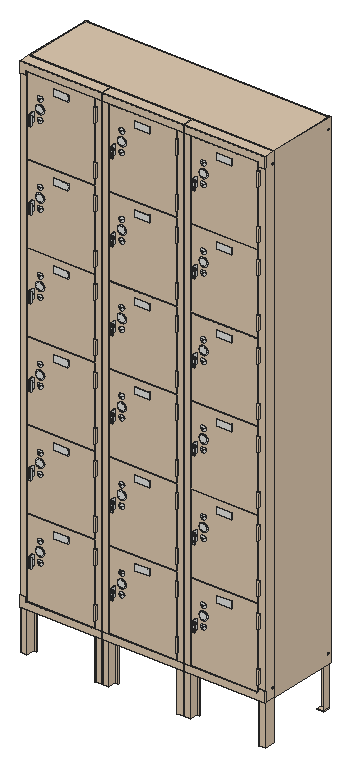
Revit family "Metal_Vented_Lockers-Salsbury_Industries-75000_76000_Series-3_Wide_Units", category Specialty Equipment, Revit 2023 (continued)
Definition of nested family "Metal Locker Sloping Hood"
  Automatic sketch dimensions
    curve 2 to plane 9 "Back of Panel" = 0.000"
    plane 11 to curve 2 = 0.000"
    curve 2 to plane 11 = 0.000"
    curve 2 to level = 0.0069"
Definition of nested family "Vents"
  Parameters (values of type "6 foot high vents")
    Vent Count for 6' high Lockers = 36
    Default Elevation = 0.000"
  Types (3): name | Vent Count for 6' high Lockers
    (no name) | 36
    6 foot high vents | 36
    5 foot high vents | 29
  Reference planes (in)
    plane 1 "Center (Front/Back)": y = 0
    plane 2: z = 0
    plane 3 "Center (Left/Right)": x = 0
  Lines and regions (in)
    model lines
      curve 1: spline (-0.12218, 0, 66.35929) -> (-0.10447, 0, 66.33016) -> (-0.08514, 0, 66.30573) -> (-0.06447, 0, 66.28637) -> (-0.04279, 0, 66.27239) -> (-0.02043, 0, 66.26399) -> (0.00227, 0, 66.26132) -> (0.02496, 0, 66.2644) -> (0.04728, 0, 66.27319) -> (0.0689, 0, 66.28755) -> (0.08949, 0, 66.30727) -> (0.10872, 0, 66.33205) -> (0.1263, 0, 66.36149)
      curve 2: line (-0.12218, 0, 66.35929) -> (-0.3738, 0, 67.01138)
      curve 3: line (0.1263, 0, 66.36149) -> (0.37669, 0, 67.01065)
      curve 4: spline (-0.12232, 0, 67.66311) -> (-0.1046, 0, 67.6924) -> (-0.08525, 0, 67.71698) -> (-0.06455, 0, 67.73644) -> (-0.04284, 0, 67.7505) -> (-0.02044, 0, 67.75894) -> (0.00229, 0, 67.76163) -> (0.02501, 0, 67.75853) -> (0.04737, 0, 67.74968) -> (0.06902, 0, 67.73522) -> (0.08963, 0, 67.71538) -> (0.10888, 0, 67.69045) -> (0.12647, 0, 67.66083)
      curve 5: line (-0.12232, 0, 67.66311) -> (-0.3738, 0, 67.01138)
      curve 6: line (0.12647, 0, 67.66083) -> (0.37669, 0, 67.01065)
      curve 7: spline (-0.12218, 0, 64.62229) -> (-0.10447, 0, 64.59316) -> (-0.08514, 0, 64.56873) -> (-0.06447, 0, 64.54937) -> (-0.04279, 0, 64.53539) -> (-0.02043, 0, 64.52699) -> (0.00227, 0, 64.52432) -> (0.02496, 0, 64.5274) -> (0.04728, 0, 64.53619) -> (0.0689, 0, 64.55055) -> (0.08949, 0, 64.57027) -> (0.10872, 0, 64.59505) -> (0.1263, 0, 64.62449)
      curve 8: line (-0.12218, 0, 64.62229) -> (-0.3738, 0, 65.27438)
      curve 9: line (0.1263, 0, 64.62449) -> (0.37669, 0, 65.27365)
      curve 10: spline (-0.12232, 0, 65.92611) -> (-0.1046, 0, 65.9554) -> (-0.08525, 0, 65.97998) -> (-0.06455, 0, 65.99944) -> (-0.04284, 0, 66.0135) -> (-0.02044, 0, 66.02194) -> (0.00229, 0, 66.02463) -> (0.02501, 0, 66.02153) -> (0.04737, 0, 66.01268) -> (0.06902, 0, 65.99822) -> (0.08963, 0, 65.97838) -> (0.10888, 0, 65.95345) -> (0.12647, 0, 65.92383)
      curve 11: line (-0.12232, 0, 65.92611) -> (-0.3738, 0, 65.27438)
      curve 12: line (0.12647, 0, 65.92383) -> (0.37669, 0, 65.27365)
      curve 13: spline (-0.12218, 0, 62.88529) -> (-0.10447, 0, 62.85616) -> (-0.08514, 0, 62.83173) -> (-0.06447, 0, 62.81237) -> (-0.04279, 0, 62.79839) -> (-0.02043, 0, 62.78999) -> (0.00227, 0, 62.78732) -> (0.02496, 0, 62.7904) -> (0.04728, 0, 62.79919) -> (0.0689, 0, 62.81355) -> (0.08949, 0, 62.83327) -> (0.10872, 0, 62.85805) -> (0.1263, 0, 62.88749)
      curve 14: line (-0.12218, 0, 62.88529) -> (-0.3738, 0, 63.53738)
      curve 15: line (0.1263, 0, 62.88749) -> (0.37669, 0, 63.53665)
      curve 16: spline (-0.12232, 0, 64.18911) -> (-0.1046, 0, 64.2184) -> (-0.08525, 0, 64.24298) -> (-0.06455, 0, 64.26244) -> (-0.04284, 0, 64.2765) -> (-0.02044, 0, 64.28494) -> (0.00229, 0, 64.28763) -> (0.02501, 0, 64.28453) -> (0.04737, 0, 64.27568) -> (0.06902, 0, 64.26122) -> (0.08963, 0, 64.24138) -> (0.10888, 0, 64.21645) -> (0.12647, 0, 64.18683)
      curve 17: line (-0.12232, 0, 64.18911) -> (-0.3738, 0, 63.53738)
      curve 18: line (0.12647, 0, 64.18683) -> (0.37669, 0, 63.53665)
      curve 19: spline (-0.12218, 0, 61.14829) -> (-0.10447, 0, 61.11916) -> (-0.08514, 0, 61.09473) -> (-0.06447, 0, 61.07537) -> (-0.04279, 0, 61.06139) -> (-0.02043, 0, 61.05299) -> (0.00227, 0, 61.05032) -> (0.02496, 0, 61.0534) -> (0.04728, 0, 61.06219) -> (0.0689, 0, 61.07655) -> (0.08949, 0, 61.09627) -> (0.10872, 0, 61.12105) -> (0.1263, 0, 61.15049)
      curve 20: line (-0.12218, 0, 61.14829) -> (-0.3738, 0, 61.80038)
      curve 21: line (0.1263, 0, 61.15049) -> (0.37669, 0, 61.79965)
      curve 22: spline (-0.12232, 0, 62.45211) -> (-0.1046, 0, 62.4814) -> (-0.08525, 0, 62.50598) -> (-0.06455, 0, 62.52544) -> (-0.04284, 0, 62.5395) -> (-0.02044, 0, 62.54794) -> (0.00229, 0, 62.55063) -> (0.02501, 0, 62.54753) -> (0.04737, 0, 62.53868) -> (0.06902, 0, 62.52422) -> (0.08963, 0, 62.50438) -> (0.10888, 0, 62.47945) -> (0.12647, 0, 62.44983)
      curve 23: line (-0.12232, 0, 62.45211) -> (-0.3738, 0, 61.80038)
      curve 24: line (0.12647, 0, 62.44983) -> (0.37669, 0, 61.79965)
      curve 25: spline (-0.12218, 0, 59.41129) -> (-0.10447, 0, 59.38216) -> (-0.08514, 0, 59.35773) -> (-0.06447, 0, 59.33837) -> (-0.04279, 0, 59.32439) -> (-0.02043, 0, 59.31599) -> (0.00227, 0, 59.31332) -> (0.02496, 0, 59.3164) -> (0.04728, 0, 59.32519) -> (0.0689, 0, 59.33955) -> (0.08949, 0, 59.35927) -> (0.10872, 0, 59.38405) -> (0.1263, 0, 59.41349)
      curve 26: line (-0.12218, 0, 59.41129) -> (-0.3738, 0, 60.06338)
      curve 27: line (0.1263, 0, 59.41349) -> (0.37669, 0, 60.06265)
      curve 28: spline (-0.12232, 0, 60.71511) -> (-0.1046, 0, 60.7444) -> (-0.08525, 0, 60.76898) -> (-0.06455, 0, 60.78844) -> (-0.04284, 0, 60.8025) -> (-0.02044, 0, 60.81094) -> (0.00229, 0, 60.81363) -> (0.02501, 0, 60.81053) -> (0.04737, 0, 60.80168) -> (0.06902, 0, 60.78722) -> (0.08963, 0, 60.76738) -> (0.10888, 0, 60.74245) -> (0.12647, 0, 60.71283)
      curve 29: line (-0.12232, 0, 60.71511) -> (-0.3738, 0, 60.06338)
      curve 30: line (0.12647, 0, 60.71283) -> (0.37669, 0, 60.06265)
      curve 31: spline (-0.12218, 0, 57.67429) -> (-0.10447, 0, 57.64516) -> (-0.08514, 0, 57.62073) -> (-0.06447, 0, 57.60137) -> (-0.04279, 0, 57.58739) -> (-0.02043, 0, 57.57899) -> (0.00227, 0, 57.57632) -> (0.02496, 0, 57.5794) -> (0.04728, 0, 57.58819) -> (0.0689, 0, 57.60255) -> (0.08949, 0, 57.62227) -> (0.10872, 0, 57.64705) -> (0.1263, 0, 57.67649)
      curve 32: line (-0.12218, 0, 57.67429) -> (-0.3738, 0, 58.32638)
      curve 33: line (0.1263, 0, 57.67649) -> (0.37669, 0, 58.32565)
      curve 34: spline (-0.12232, 0, 58.97811) -> (-0.1046, 0, 59.0074) -> (-0.08525, 0, 59.03198) -> (-0.06455, 0, 59.05144) -> (-0.04284, 0, 59.0655) -> (-0.02044, 0, 59.07394) -> (0.00229, 0, 59.07663) -> (0.02501, 0, 59.07353) -> (0.04737, 0, 59.06468) -> (0.06902, 0, 59.05022) -> (0.08963, 0, 59.03038) -> (0.10888, 0, 59.00545) -> (0.12647, 0, 58.97583)
      curve 35: line (-0.12232, 0, 58.97811) -> (-0.3738, 0, 58.32638)
      curve 36: line (0.12647, 0, 58.97583) -> (0.37669, 0, 58.32565)
      curve 37: spline (-0.12218, 0, 55.93729) -> (-0.10447, 0, 55.90816) -> (-0.08514, 0, 55.88373) -> (-0.06447, 0, 55.86437) -> (-0.04279, 0, 55.85039) -> (-0.02043, 0, 55.84199) -> (0.00227, 0, 55.83932) -> (0.02496, 0, 55.8424) -> (0.04728, 0, 55.85119) -> (0.0689, 0, 55.86555) -> (0.08949, 0, 55.88527) -> (0.10872, 0, 55.91005) -> (0.1263, 0, 55.93949)
      curve 38: line (-0.12218, 0, 55.93729) -> (-0.3738, 0, 56.58938)
      curve 39: line (0.1263, 0, 55.93949) -> (0.37669, 0, 56.58865)
      curve 40: spline (-0.12232, 0, 57.24111) -> (-0.1046, 0, 57.2704) -> (-0.08525, 0, 57.29498) -> (-0.06455, 0, 57.31444) -> (-0.04284, 0, 57.3285) -> (-0.02044, 0, 57.33694) -> (0.00229, 0, 57.33963) -> (0.02501, 0, 57.33653) -> (0.04737, 0, 57.32768) -> (0.06902, 0, 57.31322) -> (0.08963, 0, 57.29338) -> (0.10888, 0, 57.26845) -> (0.12647, 0, 57.23883)
      curve 41: line (-0.12232, 0, 57.24111) -> (-0.3738, 0, 56.58938)
      curve 42: line (0.12647, 0, 57.23883) -> (0.37669, 0, 56.58865)
      curve 43: spline (-0.12218, 0, 54.20029) -> (-0.10447, 0, 54.17116) -> (-0.08514, 0, 54.14673) -> (-0.06447, 0, 54.12737) -> (-0.04279, 0, 54.11339) -> (-0.02043, 0, 54.10499) -> (0.00227, 0, 54.10232) -> (0.02496, 0, 54.1054) -> (0.04728, 0, 54.11419) -> (0.0689, 0, 54.12855) -> (0.08949, 0, 54.14827) -> (0.10872, 0, 54.17305) -> (0.1263, 0, 54.20249)
      curve 44: line (-0.12218, 0, 54.20029) -> (-0.3738, 0, 54.85238)
      curve 45: line (0.1263, 0, 54.20249) -> (0.37669, 0, 54.85165)
      curve 46: spline (-0.12232, 0, 55.50411) -> (-0.1046, 0, 55.5334) -> (-0.08525, 0, 55.55798) -> (-0.06455, 0, 55.57744) -> (-0.04284, 0, 55.5915) -> (-0.02044, 0, 55.59994) -> (0.00229, 0, 55.60263) -> (0.02501, 0, 55.59953) -> (0.04737, 0, 55.59068) -> (0.06902, 0, 55.57622) -> (0.08963, 0, 55.55638) -> (0.10888, 0, 55.53145) -> (0.12647, 0, 55.50183)
      curve 47: line (-0.12232, 0, 55.50411) -> (-0.3738, 0, 54.85238)
      curve 48: line (0.12647, 0, 55.50183) -> (0.37669, 0, 54.85165)
      curve 49: spline (-0.12218, 0, 52.46329) -> (-0.10447, 0, 52.43416) -> (-0.08514, 0, 52.40973) -> (-0.06447, 0, 52.39037) -> (-0.04279, 0, 52.37639) -> (-0.02043, 0, 52.36799) -> (0.00227, 0, 52.36532) -> (0.02496, 0, 52.3684) -> (0.04728, 0, 52.37719) -> (0.0689, 0, 52.39155) -> (0.08949, 0, 52.41127) -> (0.10872, 0, 52.43605) -> (0.1263, 0, 52.46549)
      curve 50: line (-0.12218, 0, 52.46329) -> (-0.3738, 0, 53.11538)
      curve 51: line (0.1263, 0, 52.46549) -> (0.37669, 0, 53.11465)
      curve 52: spline (-0.12232, 0, 53.76711) -> (-0.1046, 0, 53.7964) -> (-0.08525, 0, 53.82098) -> (-0.06455, 0, 53.84044) -> (-0.04284, 0, 53.8545) -> (-0.02044, 0, 53.86294) -> (0.00229, 0, 53.86563) -> (0.02501, 0, 53.86253) -> (0.04737, 0, 53.85368) -> (0.06902, 0, 53.83922) -> (0.08963, 0, 53.81938) -> (0.10888, 0, 53.79445) -> (0.12647, 0, 53.76483)
      curve 53: line (-0.12232, 0, 53.76711) -> (-0.3738, 0, 53.11538)
      curve 54: line (0.12647, 0, 53.76483) -> (0.37669, 0, 53.11465)
      curve 55: spline (-0.12218, 0, 50.72629) -> (-0.10447, 0, 50.69716) -> (-0.08514, 0, 50.67273) -> (-0.06447, 0, 50.65337) -> (-0.04279, 0, 50.63939) -> (-0.02043, 0, 50.63099) -> (0.00227, 0, 50.62832) -> (0.02496, 0, 50.6314) -> (0.04728, 0, 50.64019) -> (0.0689, 0, 50.65455) -> (0.08949, 0, 50.67427) -> (0.10872, 0, 50.69905) -> (0.1263, 0, 50.72849)
      curve 56: line (-0.12218, 0, 50.72629) -> (-0.3738, 0, 51.37838)
      curve 57: line (0.1263, 0, 50.72849) -> (0.37669, 0, 51.37765)
      curve 58: spline (-0.12232, 0, 52.03011) -> (-0.1046, 0, 52.0594) -> (-0.08525, 0, 52.08398) -> (-0.06455, 0, 52.10344) -> (-0.04284, 0, 52.1175) -> (-0.02044, 0, 52.12594) -> (0.00229, 0, 52.12863) -> (0.02501, 0, 52.12553) -> (0.04737, 0, 52.11668) -> (0.06902, 0, 52.10222) -> (0.08963, 0, 52.08238) -> (0.10888, 0, 52.05745) -> (0.12647, 0, 52.02783)
      curve 59: line (-0.12232, 0, 52.03011) -> (-0.3738, 0, 51.37838)
      curve 60: line (0.12647, 0, 52.02783) -> (0.37669, 0, 51.37765)
      curve 61: spline (-0.12218, 0, 48.98929) -> (-0.10447, 0, 48.96016) -> (-0.08514, 0, 48.93573) -> (-0.06447, 0, 48.91637) -> (-0.04279, 0, 48.90239) -> (-0.02043, 0, 48.89399) -> (0.00227, 0, 48.89132) -> (0.02496, 0, 48.8944) -> (0.04728, 0, 48.90319) -> (0.0689, 0, 48.91755) -> (0.08949, 0, 48.93727) -> (0.10872, 0, 48.96205) -> (0.1263, 0, 48.99149)
      curve 62: line (-0.12218, 0, 48.98929) -> (-0.3738, 0, 49.64138)
      curve 63: line (0.1263, 0, 48.99149) -> (0.37669, 0, 49.64065)
      curve 64: spline (-0.12232, 0, 50.29311) -> (-0.1046, 0, 50.3224) -> (-0.08525, 0, 50.34698) -> (-0.06455, 0, 50.36644) -> (-0.04284, 0, 50.3805) -> (-0.02044, 0, 50.38894) -> (0.00229, 0, 50.39163) -> (0.02501, 0, 50.38853) -> (0.04737, 0, 50.37968) -> (0.06902, 0, 50.36522) -> (0.08963, 0, 50.34538) -> (0.10888, 0, 50.32045) -> (0.12647, 0, 50.29083)
      curve 65: line (-0.12232, 0, 50.29311) -> (-0.3738, 0, 49.64138)
      curve 66: line (0.12647, 0, 50.29083) -> (0.37669, 0, 49.64065)
      curve 67: spline (-0.12218, 0, 47.25229) -> (-0.10447, 0, 47.22316) -> (-0.08514, 0, 47.19873) -> (-0.06447, 0, 47.17937) -> (-0.04279, 0, 47.16539) -> (-0.02043, 0, 47.15699) -> (0.00227, 0, 47.15432) -> (0.02496, 0, 47.1574) -> (0.04728, 0, 47.16619) -> (0.0689, 0, 47.18055) -> (0.08949, 0, 47.20027) -> (0.10872, 0, 47.22505) -> (0.1263, 0, 47.25449)
      curve 68: line (-0.12218, 0, 47.25229) -> (-0.3738, 0, 47.90438)
      curve 69: line (0.1263, 0, 47.25449) -> (0.37669, 0, 47.90365)
      curve 70: spline (-0.12232, 0, 48.55611) -> (-0.1046, 0, 48.5854) -> (-0.08525, 0, 48.60998) -> (-0.06455, 0, 48.62944) -> (-0.04284, 0, 48.6435) -> (-0.02044, 0, 48.65194) -> (0.00229, 0, 48.65463) -> (0.02501, 0, 48.65153) -> (0.04737, 0, 48.64268) -> (0.06902, 0, 48.62822) -> (0.08963, 0, 48.60838) -> (0.10888, 0, 48.58345) -> (0.12647, 0, 48.55383)
      curve 71: line (-0.12232, 0, 48.55611) -> (-0.3738, 0, 47.90438)
      curve 72: line (0.12647, 0, 48.55383) -> (0.37669, 0, 47.90365)
      curve 73: spline (-0.12218, 0, 45.51529) -> (-0.10447, 0, 45.48616) -> (-0.08514, 0, 45.46173) -> (-0.06447, 0, 45.44237) -> (-0.04279, 0, 45.42839) -> (-0.02043, 0, 45.41999) -> (0.00227, 0, 45.41732) -> (0.02496, 0, 45.4204) -> (0.04728, 0, 45.42919) -> (0.0689, 0, 45.44355) -> (0.08949, 0, 45.46327) -> (0.10872, 0, 45.48805) -> (0.1263, 0, 45.51749)
      curve 74: line (-0.12218, 0, 45.51529) -> (-0.3738, 0, 46.16738)
      curve 75: line (0.1263, 0, 45.51749) -> (0.37669, 0, 46.16665)
      curve 76: spline (-0.12232, 0, 46.81911) -> (-0.1046, 0, 46.8484) -> (-0.08525, 0, 46.87298) -> (-0.06455, 0, 46.89244) -> (-0.04284, 0, 46.9065) -> (-0.02044, 0, 46.91494) -> (0.00229, 0, 46.91763) -> (0.02501, 0, 46.91453) -> (0.04737, 0, 46.90568) -> (0.06902, 0, 46.89122) -> (0.08963, 0, 46.87138) -> (0.10888, 0, 46.84645) -> (0.12647, 0, 46.81683)
      curve 77: line (-0.12232, 0, 46.81911) -> (-0.3738, 0, 46.16738)
      curve 78: line (0.12647, 0, 46.81683) -> (0.37669, 0, 46.16665)
      curve 79: spline (-0.12218, 0, 43.77829) -> (-0.10447, 0, 43.74916) -> (-0.08514, 0, 43.72473) -> (-0.06447, 0, 43.70537) -> (-0.04279, 0, 43.69139) -> (-0.02043, 0, 43.68299) -> (0.00227, 0, 43.68032) -> (0.02496, 0, 43.6834) -> (0.04728, 0, 43.69219) -> (0.0689, 0, 43.70655) -> (0.08949, 0, 43.72627) -> (0.10872, 0, 43.75105) -> (0.1263, 0, 43.78049)
      curve 80: line (-0.12218, 0, 43.77829) -> (-0.3738, 0, 44.43038)
      curve 81: line (0.1263, 0, 43.78049) -> (0.37669, 0, 44.42965)
      curve 82: spline (-0.12232, 0, 45.08211) -> (-0.1046, 0, 45.1114) -> (-0.08525, 0, 45.13598) -> (-0.06455, 0, 45.15544) -> (-0.04284, 0, 45.1695) -> (-0.02044, 0, 45.17794) -> (0.00229, 0, 45.18063) -> (0.02501, 0, 45.17753) -> (0.04737, 0, 45.16868) -> (0.06902, 0, 45.15422) -> (0.08963, 0, 45.13438) -> (0.10888, 0, 45.10945) -> (0.12647, 0, 45.07983)
      curve 83: line (-0.12232, 0, 45.08211) -> (-0.3738, 0, 44.43038)
      curve 84: line (0.12647, 0, 45.07983) -> (0.37669, 0, 44.42965)
      curve 85: spline (-0.12218, 0, 42.04129) -> (-0.10447, 0, 42.01216) -> (-0.08514, 0, 41.98773) -> (-0.06447, 0, 41.96837) -> (-0.04279, 0, 41.95439) -> (-0.02043, 0, 41.94599) -> (0.00227, 0, 41.94332) -> (0.02496, 0, 41.9464) -> (0.04728, 0, 41.95519) -> (0.0689, 0, 41.96955) -> (0.08949, 0, 41.98927) -> (0.10872, 0, 42.01405) -> (0.1263, 0, 42.04349)
      curve 86: line (-0.12218, 0, 42.04129) -> (-0.3738, 0, 42.69338)
      curve 87: line (0.1263, 0, 42.04349) -> (0.37669, 0, 42.69265)
      curve 88: spline (-0.12232, 0, 43.34511) -> (-0.1046, 0, 43.3744) -> (-0.08525, 0, 43.39898) -> (-0.06455, 0, 43.41844) -> (-0.04284, 0, 43.4325) -> (-0.02044, 0, 43.44094) -> (0.00229, 0, 43.44363) -> (0.02501, 0, 43.44053) -> (0.04737, 0, 43.43168) -> (0.06902, 0, 43.41722) -> (0.08963, 0, 43.39738) -> (0.10888, 0, 43.37245) -> (0.12647, 0, 43.34283)
      curve 89: line (-0.12232, 0, 43.34511) -> (-0.3738, 0, 42.69338)
      curve 90: line (0.12647, 0, 43.34283) -> (0.37669, 0, 42.69265)
      curve 91: spline (-0.12218, 0, 40.30429) -> (-0.10447, 0, 40.27516) -> (-0.08514, 0, 40.25073) -> (-0.06447, 0, 40.23137) -> (-0.04279, 0, 40.21739) -> (-0.02043, 0, 40.20899) -> (0.00227, 0, 40.20632) -> (0.02496, 0, 40.2094) -> (0.04728, 0, 40.21819) -> (0.0689, 0, 40.23255) -> (0.08949, 0, 40.25227) -> (0.10872, 0, 40.27705) -> (0.1263, 0, 40.30649)
      curve 92: line (-0.12218, 0, 40.30429) -> (-0.3738, 0, 40.95638)
      curve 93: line (0.1263, 0, 40.30649) -> (0.37669, 0, 40.95565)
      curve 94: spline (-0.12232, 0, 41.60811) -> (-0.1046, 0, 41.6374) -> (-0.08525, 0, 41.66198) -> (-0.06455, 0, 41.68144) -> (-0.04284, 0, 41.6955) -> (-0.02044, 0, 41.70394) -> (0.00229, 0, 41.70663) -> (0.02501, 0, 41.70353) -> (0.04737, 0, 41.69468) -> (0.06902, 0, 41.68022) -> (0.08963, 0, 41.66038) -> (0.10888, 0, 41.63545) -> (0.12647, 0, 41.60583)
      curve 95: line (-0.12232, 0, 41.60811) -> (-0.3738, 0, 40.95638)
      curve 96: line (0.12647, 0, 41.60583) -> (0.37669, 0, 40.95565)
      curve 97: spline (-0.12218, 0, 38.56729) -> (-0.10447, 0, 38.53816) -> (-0.08514, 0, 38.51373) -> (-0.06447, 0, 38.49437) -> (-0.04279, 0, 38.48039) -> (-0.02043, 0, 38.47199) -> (0.00227, 0, 38.46932) -> (0.02496, 0, 38.4724) -> (0.04728, 0, 38.48119) -> (0.0689, 0, 38.49555) -> (0.08949, 0, 38.51527) -> (0.10872, 0, 38.54005) -> (0.1263, 0, 38.56949)
      curve 98: line (-0.12218, 0, 38.56729) -> (-0.3738, 0, 39.21938)
      curve 99: line (0.1263, 0, 38.56949) -> (0.37669, 0, 39.21865)
      curve 100: spline (-0.12232, 0, 39.87111) -> (-0.1046, 0, 39.9004) -> (-0.08525, 0, 39.92498) -> (-0.06455, 0, 39.94444) -> (-0.04284, 0, 39.9585) -> (-0.02044, 0, 39.96694) -> (0.00229, 0, 39.96963) -> (0.02501, 0, 39.96653) -> (0.04737, 0, 39.95768) -> (0.06902, 0, 39.94322) -> (0.08963, 0, 39.92338) -> (0.10888, 0, 39.89845) -> (0.12647, 0, 39.86883)
      curve 101: line (-0.12232, 0, 39.87111) -> (-0.3738, 0, 39.21938)
      curve 102: line (0.12647, 0, 39.86883) -> (0.37669, 0, 39.21865)
      curve 103: spline (-0.12218, 0, 36.83029) -> (-0.10447, 0, 36.80116) -> (-0.08514, 0, 36.77673) -> (-0.06447, 0, 36.75737) -> (-0.04279, 0, 36.74339) -> (-0.02043, 0, 36.73499) -> (0.00227, 0, 36.73232) -> (0.02496, 0, 36.7354) -> (0.04728, 0, 36.74419) -> (0.0689, 0, 36.75855) -> (0.08949, 0, 36.77827) -> (0.10872, 0, 36.80305) -> (0.1263, 0, 36.83249)
      curve 104: line (-0.12218, 0, 36.83029) -> (-0.3738, 0, 37.48238)
      curve 105: line (0.1263, 0, 36.83249) -> (0.37669, 0, 37.48165)
      curve 106: spline (-0.12232, 0, 38.13411) -> (-0.1046, 0, 38.1634) -> (-0.08525, 0, 38.18798) -> (-0.06455, 0, 38.20744) -> (-0.04284, 0, 38.2215) -> (-0.02044, 0, 38.22994) -> (0.00229, 0, 38.23263) -> (0.02501, 0, 38.22953) -> (0.04737, 0, 38.22068) -> (0.06902, 0, 38.20622) -> (0.08963, 0, 38.18638) -> (0.10888, 0, 38.16145) -> (0.12647, 0, 38.13183)
      curve 107: line (-0.12232, 0, 38.13411) -> (-0.3738, 0, 37.48238)
      curve 108: line (0.12647, 0, 38.13183) -> (0.37669, 0, 37.48165)
      curve 109: spline (-0.12218, 0, 35.09329) -> (-0.10447, 0, 35.06416) -> (-0.08514, 0, 35.03973) -> (-0.06447, 0, 35.02037) -> (-0.04279, 0, 35.00639) -> (-0.02043, 0, 34.99799) -> (0.00227, 0, 34.99532) -> (0.02496, 0, 34.9984) -> (0.04728, 0, 35.00719) -> (0.0689, 0, 35.02155) -> (0.08949, 0, 35.04127) -> (0.10872, 0, 35.06605) -> (0.1263, 0, 35.09549)
      curve 110: line (-0.12218, 0, 35.09329) -> (-0.3738, 0, 35.74538)
      curve 111: line (0.1263, 0, 35.09549) -> (0.37669, 0, 35.74465)
      curve 112: spline (-0.12232, 0, 36.39711) -> (-0.1046, 0, 36.4264) -> (-0.08525, 0, 36.45098) -> (-0.06455, 0, 36.47044) -> (-0.04284, 0, 36.4845) -> (-0.02044, 0, 36.49294) -> (0.00229, 0, 36.49563) -> (0.02501, 0, 36.49253) -> (0.04737, 0, 36.48368) -> (0.06902, 0, 36.46922) -> (0.08963, 0, 36.44938) -> (0.10888, 0, 36.42445) -> (0.12647, 0, 36.39483)
      curve 113: line (-0.12232, 0, 36.39711) -> (-0.3738, 0, 35.74538)
      curve 114: line (0.12647, 0, 36.39483) -> (0.37669, 0, 35.74465)
      curve 115: spline (-0.12218, 0, 33.35629) -> (-0.10447, 0, 33.32716) -> (-0.08514, 0, 33.30273) -> (-0.06447, 0, 33.28337) -> (-0.04279, 0, 33.26939) -> (-0.02043, 0, 33.26099) -> (0.00227, 0, 33.25832) -> (0.02496, 0, 33.2614) -> (0.04728, 0, 33.27019) -> (0.0689, 0, 33.28455) -> (0.08949, 0, 33.30427) -> (0.10872, 0, 33.32905) -> (0.1263, 0, 33.35849)
      curve 116: line (-0.12218, 0, 33.35629) -> (-0.3738, 0, 34.00838)
      curve 117: line (0.1263, 0, 33.35849) -> (0.37669, 0, 34.00765)
      curve 118: spline (-0.12232, 0, 34.66011) -> (-0.1046, 0, 34.6894) -> (-0.08525, 0, 34.71398) -> (-0.06455, 0, 34.73344) -> (-0.04284, 0, 34.7475) -> (-0.02044, 0, 34.75594) -> (0.00229, 0, 34.75863) -> (0.02501, 0, 34.75553) -> (0.04737, 0, 34.74668) -> (0.06902, 0, 34.73222) -> (0.08963, 0, 34.71238) -> (0.10888, 0, 34.68745) -> (0.12647, 0, 34.65783)
      curve 119: line (-0.12232, 0, 34.66011) -> (-0.3738, 0, 34.00838)
      curve 120: line (0.12647, 0, 34.65783) -> (0.37669, 0, 34.00765)
      curve 121: spline (-0.12218, 0, 31.61929) -> (-0.10447, 0, 31.59016) -> (-0.08514, 0, 31.56573) -> (-0.06447, 0, 31.54637) -> (-0.04279, 0, 31.53239) -> (-0.02043, 0, 31.52399) -> (0.00227, 0, 31.52132) -> (0.02496, 0, 31.5244) -> (0.04728, 0, 31.53319) -> (0.0689, 0, 31.54755) -> (0.08949, 0, 31.56727) -> (0.10872, 0, 31.59205) -> (0.1263, 0, 31.62149)
      curve 122: line (-0.12218, 0, 31.61929) -> (-0.3738, 0, 32.27138)
      curve 123: line (0.1263, 0, 31.62149) -> (0.37669, 0, 32.27065)
      curve 124: spline (-0.12232, 0, 32.92311) -> (-0.1046, 0, 32.9524) -> (-0.08525, 0, 32.97698) -> (-0.06455, 0, 32.99644) -> (-0.04284, 0, 33.0105) -> (-0.02044, 0, 33.01894) -> (0.00229, 0, 33.02163) -> (0.02501, 0, 33.01853) -> (0.04737, 0, 33.00968) -> (0.06902, 0, 32.99522) -> (0.08963, 0, 32.97538) -> (0.10888, 0, 32.95045) -> (0.12647, 0, 32.92083)
      curve 125: line (-0.12232, 0, 32.92311) -> (-0.3738, 0, 32.27138)
      curve 126: line (0.12647, 0, 32.92083) -> (0.37669, 0, 32.27065)
      curve 127: spline (-0.12218, 0, 29.88229) -> (-0.10447, 0, 29.85316) -> (-0.08514, 0, 29.82873) -> (-0.06447, 0, 29.80937) -> (-0.04279, 0, 29.79539) -> (-0.02043, 0, 29.78699) -> (0.00227, 0, 29.78432) -> (0.02496, 0, 29.7874) -> (0.04728, 0, 29.79619) -> (0.0689, 0, 29.81055) -> (0.08949, 0, 29.83027) -> (0.10872, 0, 29.85505) -> (0.1263, 0, 29.88449)
      curve 128: line (-0.12218, 0, 29.88229) -> (-0.3738, 0, 30.53438)
      curve 129: line (0.1263, 0, 29.88449) -> (0.37669, 0, 30.53365)
      curve 130: spline (-0.12232, 0, 31.18611) -> (-0.1046, 0, 31.2154) -> (-0.08525, 0, 31.23998) -> (-0.06455, 0, 31.25944) -> (-0.04284, 0, 31.2735) -> (-0.02044, 0, 31.28194) -> (0.00229, 0, 31.28463) -> (0.02501, 0, 31.28153) -> (0.04737, 0, 31.27268) -> (0.06902, 0, 31.25822) -> (0.08963, 0, 31.23838) -> (0.10888, 0, 31.21345) -> (0.12647, 0, 31.18383)
      curve 131: line (-0.12232, 0, 31.18611) -> (-0.3738, 0, 30.53438)
      curve 132: line (0.12647, 0, 31.18383) -> (0.37669, 0, 30.53365)
      curve 133: spline (-0.12218, 0, 28.14529) -> (-0.10447, 0, 28.11616) -> (-0.08514, 0, 28.09173) -> (-0.06447, 0, 28.07237) -> (-0.04279, 0, 28.05839) -> (-0.02043, 0, 28.04999) -> (0.00227, 0, 28.04732) -> (0.02496, 0, 28.0504) -> (0.04728, 0, 28.05919) -> (0.0689, 0, 28.07355) -> (0.08949, 0, 28.09327) -> (0.10872, 0, 28.11805) -> (0.1263, 0, 28.14749)
      curve 134: line (-0.12218, 0, 28.14529) -> (-0.3738, 0, 28.79738)
      curve 135: line (0.1263, 0, 28.14749) -> (0.37669, 0, 28.79665)
      curve 136: spline (-0.12232, 0, 29.44911) -> (-0.1046, 0, 29.4784) -> (-0.08525, 0, 29.50298) -> (-0.06455, 0, 29.52244) -> (-0.04284, 0, 29.5365) -> (-0.02044, 0, 29.54494) -> (0.00229, 0, 29.54763) -> (0.02501, 0, 29.54453) -> (0.04737, 0, 29.53568) -> (0.06902, 0, 29.52122) -> (0.08963, 0, 29.50138) -> (0.10888, 0, 29.47645) -> (0.12647, 0, 29.44683)
      curve 137: line (-0.12232, 0, 29.44911) -> (-0.3738, 0, 28.79738)
      curve 138: line (0.12647, 0, 29.44683) -> (0.37669, 0, 28.79665)
      curve 139: spline (-0.12218, 0, 26.40829) -> (-0.10447, 0, 26.37916) -> (-0.08514, 0, 26.35473) -> (-0.06447, 0, 26.33537) -> (-0.04279, 0, 26.32139) -> (-0.02043, 0, 26.31299) -> (0.00227, 0, 26.31032) -> (0.02496, 0, 26.3134) -> (0.04728, 0, 26.32219) -> (0.0689, 0, 26.33655) -> (0.08949, 0, 26.35627) -> (0.10872, 0, 26.38105) -> (0.1263, 0, 26.41049)
      curve 140: line (-0.12218, 0, 26.40829) -> (-0.3738, 0, 27.06038)
      curve 141: line (0.1263, 0, 26.41049) -> (0.37669, 0, 27.05965)
      curve 142: spline (-0.12232, 0, 27.71211) -> (-0.1046, 0, 27.7414) -> (-0.08525, 0, 27.76598) -> (-0.06455, 0, 27.78544) -> (-0.04284, 0, 27.7995) -> (-0.02044, 0, 27.80794) -> (0.00229, 0, 27.81063) -> (0.02501, 0, 27.80753) -> (0.04737, 0, 27.79868) -> (0.06902, 0, 27.78422) -> (0.08963, 0, 27.76438) -> (0.10888, 0, 27.73945) -> (0.12647, 0, 27.70983)
      curve 143: line (-0.12232, 0, 27.71211) -> (-0.3738, 0, 27.06038)
      curve 144: line (0.12647, 0, 27.70983) -> (0.37669, 0, 27.05965)
      curve 145: spline (-0.12218, 0, 24.67129) -> (-0.10447, 0, 24.64216) -> (-0.08514, 0, 24.61773) -> (-0.06447, 0, 24.59837) -> (-0.04279, 0, 24.58439) -> (-0.02043, 0, 24.57599) -> (0.00227, 0, 24.57332) -> (0.02496, 0, 24.5764) -> (0.04728, 0, 24.58519) -> (0.0689, 0, 24.59955) -> (0.08949, 0, 24.61927) -> (0.10872, 0, 24.64405) -> (0.1263, 0, 24.67349)
      curve 146: line (-0.12218, 0, 24.67129) -> (-0.3738, 0, 25.32338)
      curve 147: line (0.1263, 0, 24.67349) -> (0.37669, 0, 25.32265)
      curve 148: spline (-0.12232, 0, 25.97511) -> (-0.1046, 0, 26.0044) -> (-0.08525, 0, 26.02898) -> (-0.06455, 0, 26.04844) -> (-0.04284, 0, 26.0625) -> (-0.02044, 0, 26.07094) -> (0.00229, 0, 26.07363) -> (0.02501, 0, 26.07053) -> (0.04737, 0, 26.06168) -> (0.06902, 0, 26.04722) -> (0.08963, 0, 26.02738) -> (0.10888, 0, 26.00245) -> (0.12647, 0, 25.97283)
      curve 149: line (-0.12232, 0, 25.97511) -> (-0.3738, 0, 25.32338)
      curve 150: line (0.12647, 0, 25.97283) -> (0.37669, 0, 25.32265)
      curve 151: spline (-0.12218, 0, 22.93429) -> (-0.10447, 0, 22.90516) -> (-0.08514, 0, 22.88073) -> (-0.06447, 0, 22.86137) -> (-0.04279, 0, 22.84739) -> (-0.02043, 0, 22.83899) -> (0.00227, 0, 22.83632) -> (0.02496, 0, 22.8394) -> (0.04728, 0, 22.84819) -> (0.0689, 0, 22.86255) -> (0.08949, 0, 22.88227) -> (0.10872, 0, 22.90705) -> (0.1263, 0, 22.93649)
      curve 152: line (-0.12218, 0, 22.93429) -> (-0.3738, 0, 23.58638)
      curve 153: line (0.1263, 0, 22.93649) -> (0.37669, 0, 23.58565)
      curve 154: spline (-0.12232, 0, 24.23811) -> (-0.1046, 0, 24.2674) -> (-0.08525, 0, 24.29198) -> (-0.06455, 0, 24.31144) -> (-0.04284, 0, 24.3255) -> (-0.02044, 0, 24.33394) -> (0.00229, 0, 24.33663) -> (0.02501, 0, 24.33353) -> (0.04737, 0, 24.32468) -> (0.06902, 0, 24.31022) -> (0.08963, 0, 24.29038) -> (0.10888, 0, 24.26545) -> (0.12647, 0, 24.23583)
      curve 155: line (-0.12232, 0, 24.23811) -> (-0.3738, 0, 23.58638)
      curve 156: line (0.12647, 0, 24.23583) -> (0.37669, 0, 23.58565)
      curve 157: spline (-0.12218, 0, 21.19729) -> (-0.10447, 0, 21.16816) -> (-0.08514, 0, 21.14373) -> (-0.06447, 0, 21.12437) -> (-0.04279, 0, 21.11039) -> (-0.02043, 0, 21.10199) -> (0.00227, 0, 21.09932) -> (0.02496, 0, 21.1024) -> (0.04728, 0, 21.11119) -> (0.0689, 0, 21.12555) -> (0.08949, 0, 21.14527) -> (0.10872, 0, 21.17005) -> (0.1263, 0, 21.19949)
      curve 158: line (-0.12218, 0, 21.19729) -> (-0.3738, 0, 21.84938)
      curve 159: line (0.1263, 0, 21.19949) -> (0.37669, 0, 21.84865)
      curve 160: spline (-0.12232, 0, 22.50111) -> (-0.1046, 0, 22.5304) -> (-0.08525, 0, 22.55498) -> (-0.06455, 0, 22.57444) -> (-0.04284, 0, 22.5885) -> (-0.02044, 0, 22.59694) -> (0.00229, 0, 22.59963) -> (0.02501, 0, 22.59653) -> (0.04737, 0, 22.58768) -> (0.06902, 0, 22.57322) -> (0.08963, 0, 22.55338) -> (0.10888, 0, 22.52845) -> (0.12647, 0, 22.49883)
      curve 161: line (-0.12232, 0, 22.50111) -> (-0.3738, 0, 21.84938)
      curve 162: line (0.12647, 0, 22.49883) -> (0.37669, 0, 21.84865)
      curve 163: spline (-0.12218, 0, 19.46029) -> (-0.10447, 0, 19.43116) -> (-0.08514, 0, 19.40673) -> (-0.06447, 0, 19.38737) -> (-0.04279, 0, 19.37339) -> (-0.02043, 0, 19.36499) -> (0.00227, 0, 19.36232) -> (0.02496, 0, 19.3654) -> (0.04728, 0, 19.37419) -> (0.0689, 0, 19.38855) -> (0.08949, 0, 19.40827) -> (0.10872, 0, 19.43305) -> (0.1263, 0, 19.46249)
      curve 164: line (-0.12218, 0, 19.46029) -> (-0.3738, 0, 20.11238)
      curve 165: line (0.1263, 0, 19.46249) -> (0.37669, 0, 20.11165)
      curve 166: spline (-0.12232, 0, 20.76411) -> (-0.1046, 0, 20.7934) -> (-0.08525, 0, 20.81798) -> (-0.06455, 0, 20.83744) -> (-0.04284, 0, 20.8515) -> (-0.02044, 0, 20.85994) -> (0.00229, 0, 20.86263) -> (0.02501, 0, 20.85953) -> (0.04737, 0, 20.85068) -> (0.06902, 0, 20.83622) -> (0.08963, 0, 20.81638) -> (0.10888, 0, 20.79145) -> (0.12647, 0, 20.76183)
      curve 167: line (-0.12232, 0, 20.76411) -> (-0.3738, 0, 20.11238)
      curve 168: line (0.12647, 0, 20.76183) -> (0.37669, 0, 20.11165)
      curve 197: spline (-0.12218, 0, 17.72329) -> (-0.10447, 0, 17.69416) -> (-0.08514, 0, 17.66973) -> (-0.06447, 0, 17.65037) -> (-0.04279, 0, 17.63639) -> (-0.02043, 0, 17.62799) -> (0.00227, 0, 17.62532) -> (0.02496, 0, 17.6284) -> (0.04728, 0, 17.63719) -> (0.0689, 0, 17.65155) -> (0.08949, 0, 17.67127) -> (0.10872, 0, 17.69605) -> (0.1263, 0, 17.72549)
      curve 198: line (-0.12218, 0, 17.72329) -> (-0.3738, 0, 18.37538)
      curve 199: line (0.1263, 0, 17.72549) -> (0.37669, 0, 18.37465)
      curve 200: spline (-0.12232, 0, 19.02711) -> (-0.1046, 0, 19.0564) -> (-0.08525, 0, 19.08098) -> (-0.06455, 0, 19.10044) -> (-0.04284, 0, 19.1145) -> (-0.02044, 0, 19.12294) -> (0.00229, 0, 19.12563) -> (0.02501, 0, 19.12253) -> (0.04737, 0, 19.11368) -> (0.06902, 0, 19.09922) -> (0.08963, 0, 19.07938) -> (0.10888, 0, 19.05445) -> (0.12647, 0, 19.02483)
      curve 201: line (-0.12232, 0, 19.02711) -> (-0.3738, 0, 18.37538)
      curve 202: line (0.12647, 0, 19.02483) -> (0.37669, 0, 18.37465)
      curve 204: spline (-0.12218, 0, 15.98629) -> (-0.10447, 0, 15.95716) -> (-0.08514, 0, 15.93273) -> (-0.06447, 0, 15.91337) -> (-0.04279, 0, 15.89939) -> (-0.02043, 0, 15.89099) -> (0.00227, 0, 15.88832) -> (0.02496, 0, 15.8914) -> (0.04728, 0, 15.90019) -> (0.0689, 0, 15.91455) -> (0.08949, 0, 15.93427) -> (0.10872, 0, 15.95905) -> (0.1263, 0, 15.98849)
      curve 205: line (-0.12218, 0, 15.98629) -> (-0.3738, 0, 16.63838)
      curve 206: line (0.1263, 0, 15.98849) -> (0.37669, 0, 16.63765)
      curve 207: spline (-0.12232, 0, 17.29011) -> (-0.1046, 0, 17.3194) -> (-0.08525, 0, 17.34398) -> (-0.06455, 0, 17.36344) -> (-0.04284, 0, 17.3775) -> (-0.02044, 0, 17.38594) -> (0.00229, 0, 17.38863) -> (0.02501, 0, 17.38553) -> (0.04737, 0, 17.37668) -> (0.06902, 0, 17.36222) -> (0.08963, 0, 17.34238) -> (0.10888, 0, 17.31745) -> (0.12647, 0, 17.28783)
      curve 208: line (-0.12232, 0, 17.29011) -> (-0.3738, 0, 16.63838)
      curve 209: line (0.12647, 0, 17.28783) -> (0.37669, 0, 16.63765)
      curve 211: spline (-0.12218, 0, 14.24929) -> (-0.10447, 0, 14.22016) -> (-0.08514, 0, 14.19573) -> (-0.06447, 0, 14.17637) -> (-0.04279, 0, 14.16239) -> (-0.02043, 0, 14.15399) -> (0.00227, 0, 14.15132) -> (0.02496, 0, 14.1544) -> (0.04728, 0, 14.16319) -> (0.0689, 0, 14.17755) -> (0.08949, 0, 14.19727) -> (0.10872, 0, 14.22205) -> (0.1263, 0, 14.25149)
      curve 212: line (-0.12218, 0, 14.24929) -> (-0.3738, 0, 14.90138)
      curve 213: line (0.1263, 0, 14.25149) -> (0.37669, 0, 14.90065)
      curve 214: spline (-0.12232, 0, 15.55311) -> (-0.1046, 0, 15.5824) -> (-0.08525, 0, 15.60698) -> (-0.06455, 0, 15.62644) -> (-0.04284, 0, 15.6405) -> (-0.02044, 0, 15.64894) -> (0.00229, 0, 15.65163) -> (0.02501, 0, 15.64853) -> (0.04737, 0, 15.63968) -> (0.06902, 0, 15.62522) -> (0.08963, 0, 15.60538) -> (0.10888, 0, 15.58045) -> (0.12647, 0, 15.55083)
      curve 215: line (-0.12232, 0, 15.55311) -> (-0.3738, 0, 14.90138)
      curve 216: line (0.12647, 0, 15.55083) -> (0.37669, 0, 14.90065)
      curve 218: spline (-0.12218, 0, 12.51229) -> (-0.10447, 0, 12.48316) -> (-0.08514, 0, 12.45873) -> (-0.06447, 0, 12.43937) -> (-0.04279, 0, 12.42539) -> (-0.02043, 0, 12.41699) -> (0.00227, 0, 12.41432) -> (0.02496, 0, 12.4174) -> (0.04728, 0, 12.42619) -> (0.0689, 0, 12.44055) -> (0.08949, 0, 12.46027) -> (0.10872, 0, 12.48505) -> (0.1263, 0, 12.51449)
      curve 219: line (-0.12218, 0, 12.51229) -> (-0.3738, 0, 13.16438)
      curve 220: line (0.1263, 0, 12.51449) -> (0.37669, 0, 13.16365)
      curve 221: spline (-0.12232, 0, 13.81611) -> (-0.1046, 0, 13.8454) -> (-0.08525, 0, 13.86998) -> (-0.06455, 0, 13.88944) -> (-0.04284, 0, 13.9035) -> (-0.02044, 0, 13.91194) -> (0.00229, 0, 13.91463) -> (0.02501, 0, 13.91153) -> (0.04737, 0, 13.90268) -> (0.06902, 0, 13.88822) -> (0.08963, 0, 13.86838) -> (0.10888, 0, 13.84345) -> (0.12647, 0, 13.81383)
      curve 222: line (-0.12232, 0, 13.81611) -> (-0.3738, 0, 13.16438)
      curve 223: line (0.12647, 0, 13.81383) -> (0.37669, 0, 13.16365)
      curve 225: spline (-0.12218, 0, 10.77529) -> (-0.10447, 0, 10.74616) -> (-0.08514, 0, 10.72173) -> (-0.06447, 0, 10.70237) -> (-0.04279, 0, 10.68839) -> (-0.02043, 0, 10.67999) -> (0.00227, 0, 10.67732) -> (0.02496, 0, 10.6804) -> (0.04728, 0, 10.68919) -> (0.0689, 0, 10.70355) -> (0.08949, 0, 10.72327) -> (0.10872, 0, 10.74805) -> (0.1263, 0, 10.77749)
      curve 226: line (-0.12218, 0, 10.77529) -> (-0.3738, 0, 11.42738)
      curve 227: line (0.1263, 0, 10.77749) -> (0.37669, 0, 11.42665)
      curve 228: spline (-0.12232, 0, 12.07911) -> (-0.1046, 0, 12.1084) -> (-0.08525, 0, 12.13298) -> (-0.06455, 0, 12.15244) -> (-0.04284, 0, 12.1665) -> (-0.02044, 0, 12.17494) -> (0.00229, 0, 12.17763) -> (0.02501, 0, 12.17453) -> (0.04737, 0, 12.16568) -> (0.06902, 0, 12.15122) -> (0.08963, 0, 12.13138) -> (0.10888, 0, 12.10645) -> (0.12647, 0, 12.07683)
      curve 229: line (-0.12232, 0, 12.07911) -> (-0.3738, 0, 11.42738)
      curve 230: line (0.12647, 0, 12.07683) -> (0.37669, 0, 11.42665)
      curve 232: spline (-0.12218, 0, 9.03829) -> (-0.10447, 0, 9.00916) -> (-0.08514, 0, 8.98473) -> (-0.06447, 0, 8.96537) -> (-0.04279, 0, 8.95139) -> (-0.02043, 0, 8.94299) -> (0.00227, 0, 8.94032) -> (0.02496, 0, 8.9434) -> (0.04728, 0, 8.95219) -> (0.0689, 0, 8.96655) -> (0.08949, 0, 8.98627) -> (0.10872, 0, 9.01105) -> (0.1263, 0, 9.04049)
      curve 233: line (-0.12218, 0, 9.03829) -> (-0.3738, 0, 9.69038)
      curve 234: line (0.1263, 0, 9.04049) -> (0.37669, 0, 9.68965)
      curve 235: spline (-0.12232, 0, 10.34211) -> (-0.1046, 0, 10.3714) -> (-0.08525, 0, 10.39598) -> (-0.06455, 0, 10.41544) -> (-0.04284, 0, 10.4295) -> (-0.02044, 0, 10.43794) -> (0.00229, 0, 10.44063) -> (0.02501, 0, 10.43753) -> (0.04737, 0, 10.42868) -> (0.06902, 0, 10.41422) -> (0.08963, 0, 10.39438) -> (0.10888, 0, 10.36945) -> (0.12647, 0, 10.33983)
      curve 236: line (-0.12232, 0, 10.34211) -> (-0.3738, 0, 9.69038)
      curve 237: line (0.12647, 0, 10.33983) -> (0.37669, 0, 9.68965)
      curve 239: spline (-0.12218, 0, 7.30129) -> (-0.10447, 0, 7.27216) -> (-0.08514, 0, 7.24773) -> (-0.06447, 0, 7.22837) -> (-0.04279, 0, 7.21439) -> (-0.02043, 0, 7.20599) -> (0.00227, 0, 7.20332) -> (0.02496, 0, 7.2064) -> (0.04728, 0, 7.21519) -> (0.0689, 0, 7.22955) -> (0.08949, 0, 7.24927) -> (0.10872, 0, 7.27405) -> (0.1263, 0, 7.30349)
      curve 240: line (-0.12218, 0, 7.30129) -> (-0.3738, 0, 7.95338)
      curve 241: line (0.1263, 0, 7.30349) -> (0.37669, 0, 7.95265)
      curve 242: spline (-0.12232, 0, 8.60511) -> (-0.1046, 0, 8.6344) -> (-0.08525, 0, 8.65898) -> (-0.06455, 0, 8.67844) -> (-0.04284, 0, 8.6925) -> (-0.02044, 0, 8.70094) -> (0.00229, 0, 8.70363) -> (0.02501, 0, 8.70053) -> (0.04737, 0, 8.69168) -> (0.06902, 0, 8.67722) -> (0.08963, 0, 8.65738) -> (0.10888, 0, 8.63245) -> (0.12647, 0, 8.60283)
      curve 243: line (-0.12232, 0, 8.60511) -> (-0.3738, 0, 7.95338)
      curve 244: line (0.12647, 0, 8.60283) -> (0.37669, 0, 7.95265)
      curve 246: spline (-0.12218, 0, 5.56429) -> (-0.10447, 0, 5.53516) -> (-0.08514, 0, 5.51073) -> (-0.06447, 0, 5.49137) -> (-0.04279, 0, 5.47739) -> (-0.02043, 0, 5.46899) -> (0.00227, 0, 5.46632) -> (0.02496, 0, 5.4694) -> (0.04728, 0, 5.47819) -> (0.0689, 0, 5.49255) -> (0.08949, 0, 5.51227) -> (0.10872, 0, 5.53705) -> (0.1263, 0, 5.56649)
      curve 247: line (-0.12218, 0, 5.56429) -> (-0.3738, 0, 6.21638)
      curve 248: line (0.1263, 0, 5.56649) -> (0.37669, 0, 6.21565)
      curve 249: spline (-0.12232, 0, 6.86811) -> (-0.1046, 0, 6.8974) -> (-0.08525, 0, 6.92198) -> (-0.06455, 0, 6.94144) -> (-0.04284, 0, 6.9555) -> (-0.02044, 0, 6.96394) -> (0.00229, 0, 6.96663) -> (0.02501, 0, 6.96353) -> (0.04737, 0, 6.95468) -> (0.06902, 0, 6.94022) -> (0.08963, 0, 6.92038) -> (0.10888, 0, 6.89545) -> (0.12647, 0, 6.86583)
      curve 250: line (-0.12232, 0, 6.86811) -> (-0.3738, 0, 6.21638)
      curve 251: line (0.12647, 0, 6.86583) -> (0.37669, 0, 6.21565)
    reference lines
      curve 169: line (-0.37307, 0, 67.00949) -> (0.37714, 0, 67.00949)
      curve 170: line (-0.37307, 0, 65.27249) -> (0.37714, 0, 65.27249)
      curve 171: line (-0.37307, 0, 63.53549) -> (0.37714, 0, 63.53549)
      curve 172: line (-0.37307, 0, 61.79849) -> (0.37714, 0, 61.79849)
      curve 173: line (-0.37307, 0, 60.06149) -> (0.37714, 0, 60.06149)
      curve 174: line (-0.37307, 0, 58.32449) -> (0.37714, 0, 58.32449)
      curve 175: line (-0.37307, 0, 56.58749) -> (0.37714, 0, 56.58749)
      curve 176: line (-0.37307, 0, 54.85049) -> (0.37714, 0, 54.85049)
      curve 177: line (-0.37307, 0, 53.11349) -> (0.37714, 0, 53.11349)
      curve 178: line (-0.37307, 0, 51.37649) -> (0.37714, 0, 51.37649)
      curve 179: line (-0.37307, 0, 49.63949) -> (0.37714, 0, 49.63949)
      curve 180: line (-0.37307, 0, 47.90249) -> (0.37714, 0, 47.90249)
      curve 181: line (-0.37307, 0, 46.16549) -> (0.37714, 0, 46.16549)
      curve 182: line (-0.37307, 0, 44.42849) -> (0.37714, 0, 44.42849)
      curve 183: line (-0.37307, 0, 42.69149) -> (0.37714, 0, 42.69149)
      curve 184: line (-0.37307, 0, 40.95449) -> (0.37714, 0, 40.95449)
      curve 185: line (-0.37307, 0, 39.21749) -> (0.37714, 0, 39.21749)
      curve 186: line (-0.37307, 0, 37.48049) -> (0.37714, 0, 37.48049)
      curve 187: line (-0.37307, 0, 35.74349) -> (0.37714, 0, 35.74349)
      curve 188: line (-0.37307, 0, 34.00649) -> (0.37714, 0, 34.00649)
      curve 189: line (-0.37307, 0, 32.26949) -> (0.37714, 0, 32.26949)
      curve 190: line (-0.37307, 0, 30.53249) -> (0.37714, 0, 30.53249)
      curve 191: line (-0.37307, 0, 28.79549) -> (0.37714, 0, 28.79549)
      curve 192: line (-0.37307, 0, 27.05849) -> (0.37714, 0, 27.05849)
      curve 193: line (-0.37307, 0, 25.32149) -> (0.37714, 0, 25.32149)
      curve 194: line (-0.37307, 0, 23.58449) -> (0.37714, 0, 23.58449)
      curve 195: line (-0.37307, 0, 21.84749) -> (0.37714, 0, 21.84749)
      curve 196: line (-0.37307, 0, 20.11049) -> (0.37714, 0, 20.11049)
      curve 203: line (-0.37307, 0, 18.37349) -> (0.37714, 0, 18.37349)
      curve 210: line (-0.37307, 0, 16.63649) -> (0.37714, 0, 16.63649)
      curve 217: line (-0.37307, 0, 14.89949) -> (0.37714, 0, 14.89949)
      curve 224: line (-0.37307, 0, 13.16249) -> (0.37714, 0, 13.16249)
      curve 231: line (-0.37307, 0, 11.42549) -> (0.37714, 0, 11.42549)
      curve 238: line (-0.37307, 0, 9.68849) -> (0.37714, 0, 9.68849)
      curve 245: line (-0.37307, 0, 7.95149) -> (0.37714, 0, 7.95149)
      curve 252: line (-0.37307, 0, 6.21449) -> (0.37714, 0, 6.21449)
  Dimensions and locks (in)
    equal spacing: group 1, group 2, group 3, group 4, group 5, group 6, group 7, group 8, group 9, group 10, group 11, group 12, group 13, group 14, group 15, group 16, group 17, group 18, group 19, group 20, group 21, group 22, group 23, group 24, group 25, group 26, group 27, group 28, group 29, group 30, group 31, group 32, group 33, group 34, group 35, group 36  (x2)
    equal spacing: group 36, group 35, group 34, group 33, group 32, group 31, group 30, group 29, group 28, group 27, group 26, group 25, group 24, group 23, group 22, group 21, group 20, group 19, group 18, group 17, group 16, group 15, group 14, group 13, group 12, group 11, group 10, group 9, group 8, group 7, group 6, group 5, group 4, group 3, group 2, group 1
    aligned and locked: level to plane 2
Types (18): name | Zee Base | Vent Offset | Vent Configuration Height | Vent Array 2 | Vent Array 1 | Unit Height including Sloping Hood Only | Unit Height | Type Comments | Total Door(s) Height | Top Row of Doors | Top Compartment Divider | Sloping Hood Height | Compartment Divider Height | Primary Structure Material | Unit Height including Base Only | Overall Unit Height (including Base and Sloping Hood) | OmniClass 23 Title | Model | Individual Door Height | Hasp Plate Rivet Material | Individual Door Width | Door Location D1 | Description | Depth | Base Height | Standard Leg Base
  76362 - with Standard 6" High Legs | Metal Locker Zee Base - 3 Wide : None | 3.250" | Vents : 6 foot high vents | 5 | 6 | 78.625" | 72.000" | "12\" Wide Vented Metal Locker - Box Style Six Tier" | 69.81949" | yes | yes | 6.625" | 11.157" | Paint - Salsbury Finish - Tan | 78.000" | 84.625" | "Equipment and Furnishings" | "76362" | 11.532" | Steel -Salsbury Finish - Polished Steel | 33.90055" | Vented Metal Locker Doors-12 inch with Latch Hasps : Six Tier Door - 6 foot | "3 Wide - 6 Feet High - 12 Inches Deep" | 12.010" | 6.000" | Metal Locker Legs - 3 Wide : 6" High - 36" W x 12" D
  76365 - with Standard 6" High Legs | Metal Locker Zee Base - 3 Wide : None | 3.500" | Vents : 6 foot high vents | 7 | 8 | 80.682" | 72.000" | "12\" Wide Vented Metal Locker - Box Style Six Tier" | 69.81949" | yes | yes | 8.682" | 11.157" | Paint - Salsbury Finish - Tan | 78.000" | 86.682" | "Equipment and Furnishings" | "76365" | 11.532" | Steel -Salsbury Finish - Polished Steel | 9.90055" | Vented Metal Locker Doors-12 inch with Latch Hasps : Six Tier Door - 6 foot | "3 Wide - 6 Feet High - 15 Inches Deep" | 15.010" | 6.000" | Metal Locker Legs - 3 Wide : 6" High - 36" W x 15" D
  76368 - with Standard 6" High Legs | Metal Locker Zee Base - 3 Wide : None | 3.750" | Vents : 6 foot high vents | 9 | 10 | 82.739" | 72.000" | "12\" Wide Vented Metal Locker - Box Style Six Tier" | 69.81949" | yes | yes | 10.739" | 11.157" | Steel - Salsbury Finish = Tan | 78.000" | 88.739" | "Equipment and Furnishings" | "76368" | 11.532" | Steel -Salsbury Finish =  Polished Steel | 9.90055" | Vented Metal Locker Doors-12 inch with Latch Hasps : Six Tier Door - 6 foot | "3 Wide - 6 Feet High - 18 Inches Deep" | 18.010" | 6.000" | Metal Locker Legs - 3 Wide : 6" High - 36"W x 18"D
  76362 - with 77572 Zee Base and 77550 Lockers without Legs | Metal Locker Zee Base - 3 Wide : 77572- 36" W x 12" D | 3.250" | Vents : 6 foot high vents | 5 | 6 | 78.625" | 72.000" | "12\" Wide Vented Metal Locker - Box Style Six Tier" | 69.81949" | yes | yes | 6.625" | 11.157" | Paint - Salsbury Finish - Tan | 76.000" | 82.625" | "Equipment and Furnishings" | "76362 with 77572 and 77550" | 11.532" | Steel -Salsbury Finish - Polished Steel | 9.90055" | Vented Metal Locker Doors-12 inch with Latch Hasps : Six Tier Door - 6 foot | "3 Wide - 6 Feet High - 12 Inches Deep with Zee Base and Lockers without Legs" | 12.010" | 4.000" | Metal Locker Legs - 3 Wide : No Legs
  76365 - with 77575 Zee Base and 77550 Lockers without Legs | Metal Locker Zee Base - 3 Wide : 77575 - 36" W x 15" D | 3.500" | Vents : 6 foot high vents | 7 | 8 | 80.682" | 72.000" | "12\" Wide Vented Metal Locker - Box Style Six Tier" | 69.81949" | yes | yes | 8.682" | 11.157" | Paint - Salsbury Finish - Tan | 76.000" | 84.682" | "Equipment and Furnishings" | "76365 with 77575 and 77550" | 11.532" | Steel -Salsbury Finish - Polished Steel | 9.90055" | Vented Metal Locker Doors-12 inch with Latch Hasps : Six Tier Door - 6 foot | "3 Wide - 6 Feet High - 15 Inches Deep with Zee Base and Lockers without Legs" | 15.010" | 4.000" | Metal Locker Zee Base - 3 Wide : None
  76368 - with 77578 Zee Base and 77550 Lockers without Legs | Metal Locker Zee Base - 3 Wide : 77578 - 36"W x 18"D | 3.750" | Vents : 6 foot high vents | 9 | 10 | 82.739" | 72.000" | "12\" Wide Vented Metal Locker - Box Style Six Tier" | 69.81949" | yes | yes | 10.739" | 11.157" | Paint - Salsbury Finish - Tan | 76.000" | 86.739" | "Equipment aqnd Furnishings" | "76368 with 77578 and 77550" | 11.532" | Steel -Salsbury Finish - Polished Steel | 9.90055" | Vented Metal Locker Doors-12 inch with Latch Hasps : Six Tier Door - 6 foot | "3 Wide - 6 Feet High - 18 Inches Deep with Zee Base and Lockers without Legs" | 18.010" | 4.000" | Metal Locker Zee Base - 3 Wide : None
  76362 - with 77550 Lockers without Legs | Metal Locker Zee Base - 3 Wide : None | 3.250" | Vents : 6 foot high vents | 5 | 6 | 78.625" | 72.000" | "12\" Wide Vented Metal Locker - Box Style Six Tier" | 69.81949" | yes | yes | 6.625" | 11.157" | Paint - Salsbury Finish - Tan | 72.000" | 78.625" | "Equipment and Furnishings" | "76362 with 77550" | 11.532" | Steel -Salsbury Finish - Polished Steel | 9.90055" | Vented Metal Locker Doors-12 inch with Latch Hasps : Six Tier Door - 6 foot | "3 Wide - 6 Feet High - 12 Inches Deep with Lockers without Legs" | 12.010" | 0.000" | Metal Locker Legs - 3 Wide : No Legs
  76365 - with 77550 Lockers without Legs | Metal Locker Zee Base - 3 Wide : None | 3.500" | Vents : 6 foot high vents | 7 | 8 | 80.682" | 72.000" | "12\" Wide Vented Metal Locker - Box Style Six Tier" | 69.81949" | yes | yes | 8.682" | 11.157" | Paint - Salsbury Finish - Tan | 72.000" | 80.682" | "Equipment and Furnishings" | "76365 with 77550" | 11.532" | Steel -Salsbury Finish - Polished Steel | 9.90055" | Vented Metal Locker Doors-12 inch with Latch Hasps : Six Tier Door - 6 foot | "3 Wide - 6 Feet High - 15 Inches Deep with Lockers without Legs" | 15.010" | 0.000" | Metal Locker Legs - 3 Wide : No Legs
  76368 - with 77550 Lockers without Legs | Metal Locker Zee Base - 3 Wide : None | 3.750" | Vents : 6 foot high vents | 9 | 10 | 82.739" | 72.000" | "12\" Wide Vented Metal Locker - Box Style Six Tier" | 69.81949" | yes | yes | 10.739" | 11.157" | Paint - Salsbury Finish - Tan | 72.000" | 82.739" | "Equipment and Furnishings" | "76368 with 77550" | 11.532" | Steel -Salsbury Finish - Polished Steel | 9.90055" | Vented Metal Locker Doors-12 inch with Latch Hasps : Six Tier Door - 6 foot | "3 Wide - 6 Feet High - 18 Inches Deep with Lockers without Legs" | 18.010" | 0.000" | Metal Locker Legs - 3 Wide : No Legs
  75352 - with Standard 6" High Legs | Metal Locker Zee Base - 3 Wide : None | 3.250" | Vents : 5 foot high vents | 5 | 6 | 66.625" | 60.000" | "12\" Wide Vented Metal Locker - Box Style Five Tier" | 57.81949" | no | no | 6.625" | 11.088" | Paint - Salsbury Finish - Tan | 66.000" | 72.625" | "Equipment and Furnishings" | "75352" | 11.463" | Steel -Salsbury Finish - Polished Steel | 9.90055" | Vented Metal Locker Doors-12 inch with Latch Hasps : Five Tier Door - 5 foot | "3 Wide - 5 Feet High - 12 Inches Deep" | 12.010" | 6.000" | Metal Locker Legs - 3 Wide : 6" High - 36" W x 12" D
  75352 - with 77572 Zee Base and 77550 Lockers without Legs | Metal Locker Zee Base - 3 Wide : 77572- 36" W x 12" D | 3.250" | Vents : 5 foot high vents | 5 | 6 | 66.625" | 60.000" | "12\" Wide Vented Metal Locker - Box Style Five Tier" | 57.81949" | no | no | 6.625" | 11.088" | Paint - Salsbury Finish - Tan | 64.000" | 70.625" | "Equipment and Furnishings" | "75352 with 77572 and 77550" | 11.463" | Steel -Salsbury Finish - Polished Steel | 9.90055" | Vented Metal Locker Doors-12 inch with Latch Hasps : Five Tier Door - 5 foot | "3 Wide - 5 Feet High - 12 Inches Deep with Zee Base and Lockers without Legs" | 12.010" | 4.000" | Metal Locker Legs - 3 Wide : No Legs
  75352 - with 77550 Lockers without Legs | Metal Locker Zee Base - 3 Wide : None | 3.250" | Vents : 5 foot high vents | 5 | 6 | 66.625" | 60.000" | "12\" Wide Vented Metal Locker - Box Style Five Tier" | 57.81949" | no | no | 6.625" | 11.088" | Paint - Salsbury Finish - Tan | 60.000" | 66.625" | "Equipment and Furnishings" | "75352 with 77550" | 11.463" | Steel -Salsbury Finish - Polished Steel | 9.90055" | Vented Metal Locker Doors-12 inch with Latch Hasps : Five Tier Door - 5 foot | "3 Wide - 5 Feet High - 12 Inches Deep with Lockers without Legs" | 12.010" | 0.000" | Metal Locker Legs - 3 Wide : No Legs
  75355 - with Standard 6" High Legs | Metal Locker Zee Base - 3 Wide : None | 3.500" | Vents : 5 foot high vents | 7 | 8 | 68.682" | 60.000" | "12\" Wide Vented Metal Locker - Box Style Five Tier" | 57.81949" | no | no | 8.682" | 11.088" | Paint - Salsbury Finish - Tan | 66.000" | 74.682" | "Equipment and Furnishings" | "75355" | 11.463" | Steel -Salsbury Finish - Polished Steel | 9.90055" | Vented Metal Locker Doors-12 inch with Latch Hasps : Five Tier Door - 5 foot | "3 Wide - 5 Feet High - 15 Inches Deep" | 15.010" | 6.000" | Metal Locker Legs - 3 Wide : 6" High - 36" W x 15" D
  75355 - with 77575 Zee Base and 77550 Lockers without Legs | Metal Locker Zee Base - 3 Wide : 77575 - 36" W x 15" D | 3.500" | Vents : 5 foot high vents | 7 | 8 | 68.682" | 60.000" | "12\" Wide Vented Metal Locker - Box Style Five Tier" | 57.81949" | no | no | 8.682" | 11.088" | Paint - Salsbury Finish - Tan | 64.000" | 72.682" | "Equipment and Furnishings" | "75355 with 77575 and 77550" | 11.463" | Steel -Salsbury Finish - Polished Steel | 9.90055" | Vented Metal Locker Doors-12 inch with Latch Hasps : Five Tier Door - 5 foot | "3 Wide - 5 Feet High - 15 Inches Deep with Zee Base and Lockers without Legs" | 15.010" | 4.000" | Metal Locker Zee Base - 3 Wide : None
  75355 - with 77550 Lockers without Legs | Metal Locker Zee Base - 3 Wide : None | 3.500" | Vents : 5 foot high vents | 7 | 8 | 68.682" | 60.000" | "12\" Wide Vented Metal Locker - Box Style Five Tier" | 57.81949" | no | no | 8.682" | 11.088" | Paint - Salsbury Finish - Tan | 60.000" | 68.682" | "Equipment and Furnishings" | "75355 with 77550" | 11.463" | Steel -Salsbury Finish - Polished Steel | 9.90055" | Vented Metal Locker Doors-12 inch with Latch Hasps : Five Tier Door - 5 foot | "3 Wide - 5 Feet High - 15 Inches Deep with Lockers without Legs" | 15.010" | 0.000" | Metal Locker Legs - 3 Wide : No Legs
  75358 - with Standard 6" High Legs | Metal Locker Zee Base - 3 Wide : None | 3.750" | Vents : 5 foot high vents | 9 | 10 | 70.739" | 60.000" | "12\" Wide Vented Metal Locker - Box Style Five Tier" | 57.81949" | no | no | 10.739" | 11.088" | Paint - Salsbury Finish - Tan | 66.000" | 76.739" | "Equipment and Furnishings" | "75358" | 11.463" | Steel -Salsbury Finish - Polished Steel | 9.90055" | Vented Metal Locker Doors-12 inch with Latch Hasps : Five Tier Door - 5 foot | "3 Wide - 5 Feet High - 18 Inches Deep" | 18.010" | 6.000" | Metal Locker Legs - 3 Wide : 6" High - 36"W x 18"D
  75358 - with 77578 Zee Base and 77550 Lockers without Legs | Metal Locker Zee Base - 3 Wide : 77578 - 36"W x 18"D | 3.750" | Vents : 5 foot high vents | 9 | 10 | 70.739" | 60.000" | "12\" Wide Vented Metal Locker - Box Style Five Tier" | 57.81949" | no | no | 10.739" | 11.088" | Paint - Salsbury Finish - Tan | 64.000" | 74.739" | "Equipment and Furnishings" | "75358 with 77578 and 77550" | 11.463" | Steel -Salsbury Finish - Polished Steel | 9.90055" | Vented Metal Locker Doors-12 inch with Latch Hasps : Five Tier Door - 5 foot | "3 Wide - 5 Feet High - 18 Inches Deep with Zee Base and Lockers without Legs" | 18.010" | 4.000" | Metal Locker Zee Base - 3 Wide : None
  75358 - with 77550 Lockers without Legs | Metal Locker Zee Base - 3 Wide : None | 3.750" | Vents : 5 foot high vents | 9 | 10 | 70.739" | 60.000" | "12\" Wide Vented Metal Locker - Box Style Five Tier" | 57.81949" | no | no | 10.739" | 11.088" | Paint - Salsbury Finish - Tan | 60.000" | 70.739" | "Equipment and Furnishings" | "75358 with 77550" | 11.463" | Steel -Salsbury Finish - Polished Steel | 9.90055" | Vented Metal Locker Doors-12 inch with Latch Hasps : Five Tier Door - 5 foot | "3 Wide - 5 Feet High - 18 Inches Deep with Lockers without Legs" | 18.010" | 0.000" | Metal Locker Legs - 3 Wide : No Legs
